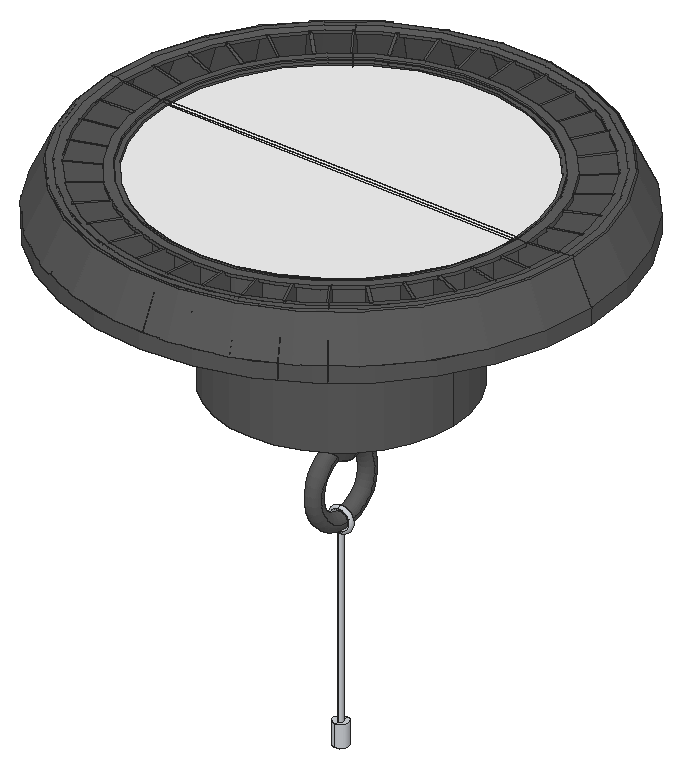
Revit family "0039364 Sylvania Lighting Fixture START HighBay IP65 DALI 26000lm 840 MB pendant", category Lighting Fixtures, host Face, Revit 2017
Family settings
  Host = Face
  Round Connector Dimension = Use Diameter
  Part Type = Normal
  OmniClass Number = 23.80.70.00
  OmniClass Title = Lighting
  Cut with Voids When Loaded = No
  Light Source = Yes
  Shared = No
  Room Calculation Point = No
Parameters (values of type "0039364 START HighBay IP65 DALI 26000lm 840 MB")
  WidthStraight_FEILO = if(SizeS_FEILO, 3 mm, if(SizeM_FEILO, 4 mm, 4.7 mm))  # 4.7 mm
  WidthRingChamfer_FEILO = if(SizeS_FEILO, 10.3 mm, if(SizeM_FEILO, 11.2 mm, 12.9 mm))  # 12.9 mm
  WidthCurved_FEILO = if(SizeS_FEILO, 17.4 mm, if(SizeM_FEILO, 16.4 mm, 26.2 mm))  # 26.2 mm
  WidthCurvedRing_FEILO = if(SizeS_FEILO, 3 mm, if(SizeM_FEILO, 4 mm, 4.7 mm))  # 4.7 mm
  WidthBracket_FEILO = 40 mm
  Weight = "3.7 kg"
  Wattage Comments = ""
  Wattage = 190 W
  WarrantyStartDate [instance] = "n/a"
  WarrantyGuarantorParts = "n/a"
  WarrantyDurationUnit = "n/a"
  WarrantyDurationParts = "n/a"
  WarrantyDescription = "n/a"
  built-in parameter 1150110 = 1 (stored number, unit not read)
  Voltage = 0 V
  VisibilityBracket_FEILO = no
  URL = "http://www.sylvania-lighting.com"
  TypeName = "START HighBay IP65 DALI 26000lm 840 MB"
  Type Image = <None>
  Type Comments = "n/a"
  built-in parameter 1114217 = 1 (stored number, unit not read)
  Tilt Angle = -90.00°
  ThicknessWall_FEILO = 1.5 mm
  ThicknessBracket_FEILO = 1.5 mm
  ThicknessBracketHalf_FEILO = ThicknessBracket_FEILO / 2  # 0.75 mm
  built-in parameter 1150109 = 1 (stored number, unit not read)
  built-in parameter 1150134 = 12
  SuspensionHeight_FEILO [instance] = 350 mm
  built-in parameter 1150113 = 1 (stored number, unit not read)
  SizeS_FEILO = no
  SizeM_FEILO = no
  SerialNumber [instance] = "n/a"
  Rib4_FEILO = if(SizeS_FEILO, 18.1 mm, if(SizeM_FEILO, 13.6 mm, 14.6 mm))  # 14.6 mm
  Rib3_FEILO = if(SizeS_FEILO, 15.3 mm, if(SizeM_FEILO, 17.6 mm, 20.2 mm))  # 20.2 mm
  Rib2_FEILO = if(SizeS_FEILO, 3.6 mm, if(SizeM_FEILO, 3.9 mm, 4.5 mm))  # 4.5 mm
  Rib1_FEILO = if(SizeS_FEILO, 15.1 mm, if(SizeM_FEILO, 16.5 mm, 19 mm))  # 19 mm
  RadiusDiffuser_FEILO = if(SizeS_FEILO, 95.2 mm, if(SizeM_FEILO, 105.3 mm, 120 mm))  # 120 mm
  RadiusArrayPost_FEILO = DriverRadius_FEILO - 6 mm  # 70.4 mm
  RHRadius3_FEILO = if(SizeS_FEILO, 6.6 mm, if(SizeM_FEILO, 7.4 mm, 8.6 mm))  # 8.6 mm
  RHRadius2_FEILO = if(SizeS_FEILO, 11 mm, if(SizeM_FEILO, 12 mm, 14 mm))  # 14 mm
  RHRadius1_FEILO = if(SizeS_FEILO, 13.6 mm, if(SizeM_FEILO, 14.9 mm, 17.7 mm))  # 17.7 mm
  RHHeight4_FEILO = if(SizeS_FEILO, 7.3 mm, if(SizeM_FEILO, 8 mm, 9.2 mm))  # 9.2 mm
  RHHeight3_FEILO = if(SizeS_FEILO, 3.6 mm, if(SizeM_FEILO, 3.7 mm, 4.6 mm))  # 4.6 mm
  RHHeight2_FEILO = if(SizeS_FEILO, 2 mm, if(SizeM_FEILO, 2.2 mm, 2.6 mm))  # 2.6 mm
  RHHeight1_FEILO = if(SizeS_FEILO, 11.8 mm, if(SizeM_FEILO, 15.3 mm, 17.4 mm))  # 17.4 mm
  Photometric Web File = "0039364.ies"
  Material_3_FEILO = LED-Sylvania-StartHighbay-Glow
  PowerFactor = 0.95
  PowerConsumption = "190 W"
  NominalLength = 339 mm
  NominalHeight = 189 mm
  NominalDepth = 339 mm
  Name = "START HighBay IP65 DALI 26000lm 840 MB"
  ModelReference = Name  # "START HighBay IP65 DALI 26000lm 840 MB"
  ModelNumber = "0039364"
  Model = Name  # "START HighBay IP65 DALI 26000lm 840 MB"
  Material = "aluminium alloy housing, polycarbonate diffuser"
  ManufacturerName = "Feilo Sylvania"
  Manufacturer = "Feilo Sylvania"
  LuminousEfficacy = "130 lm/W"
  built-in parameter 1150105 = 1965.6 (stored number, unit not read)
  Lumens = 24700 lm
  LuminaireType = ""
  built-in parameter 1150115 = 1 (stored number, unit not read)
  LightOutputRatio = "n/a"
  built-in parameter 1150137 = (empty or 0)
  built-in parameter 1150139 = (empty or 0)
  LampsType = Lamp  # "LED"
  LampNominalLuminous = "24700 lm"
  LampMacAdamStep = "6"
  LampColourTemperature = "4000 K"
  LampColourRenderingIndex = "80"
  built-in parameter 1150112 = 1 (stored number, unit not read)
  built-in parameter 1150114 = 1 (stored number, unit not read)
  Lamp = "LED"
  Keynote = "16500"
  InstallationDate [instance] = "n/a"
  InputVoltage = "n/a"
  InputNominalFrequency = "50/60 Hz"
  built-in parameter 1150132 = (empty or 0)
  built-in parameter 1150102 = (empty or 0)
  built-in parameter 1150107 = 4000 (stored number, unit not read)
  built-in parameter 1150138 = (empty or 0)
  IngressProtection = "IP65"
  ImpactProtectionIndex = "IK08"
  built-in parameter 1150106 = 19.656 (stored number, unit not read)
  IfcExportType = "IfcLightFixtureType"
  IfcExportAs = "IfcLightFixtureType"
  HeightRing_FEILO = if(SizeS_FEILO, 19.8 mm, if(SizeM_FEILO, 32 mm, 36.8 mm))  # 36.8 mm
  HeightRingChamfer_FEILO = if(SizeS_FEILO, 11.7 mm, if(SizeM_FEILO, 23.2 mm, 26.6 mm))  # 26.6 mm
  EyeThickness_FEILO = if(SizeS_FEILO, 8.4 mm, if(SizeM_FEILO, 9.2 mm, 10.5 mm))  # 10.5 mm
  EyeThicknessHalf_FEILO = EyeThickness_FEILO / 2  # 5.25 mm
  EyeInner_FEILO = if(SizeS_FEILO, 13.8 mm, if(SizeM_FEILO, 15.1 mm, 17.3 mm))  # 17.3 mm
  ExpectedLife = 50000
  Emit from Circle Diameter = RadiusDiffuser_FEILO * 2  # 240 mm
  Emit Shape Visible in Rendering = no
  ElectricShockClassification = "Class I"
  built-in parameter 1150104 = 12.077 (stored number, unit not read)
  DurationUnit = "hours"
  DriverVerticalStraight_FEILO = if(SizeS_FEILO, 46.5 mm, if(SizeM_FEILO, 49.7 mm, 57 mm))  # 57 mm
  DriverVerticalChamfer_FEILO = if(SizeS_FEILO, 7.5 mm, if(SizeM_FEILO, 8.2 mm, 9.5 mm))  # 9.5 mm
  DriverRadius_FEILO = if(SizeS_FEILO, 61.4 mm, if(SizeM_FEILO, 67.2 mm, 76.4 mm))  # 76.4 mm
  DriverRadiusTop_FEILO = if(SizeS_FEILO, 42 mm, if(SizeM_FEILO, 45.3 mm, 52.4 mm))  # 52.4 mm
  DriverBottom_FEILO = if(SizeS_FEILO, 56 mm, if(SizeM_FEILO, 64.5 mm, 74 mm))  # 74 mm
  DocumentationLiterature = "http://www.sylvania-lighting.com/product/en-int/products/0039364"
  DimmingControlOptions = "Dimmable"
  Material_2_FEILO = Diffuser-Sylvania-StartHighbay-Transparent
  Radius_FEILO = if(SizeS_FEILO, 135 mm, if(SizeM_FEILO, 148 mm, 169.5 mm))  # 169.5 mm
  Dimming Lamp Color Temperature Shift = <None>
  DiameterWire_FEILO = 3 mm
  DiameterWireSupport_FEILO = 10 mm
  Description = "START Highbay, includes 1 m cables, black aluminium housing, 24,700 Lm, 190 W, 130 Lm/W, 4000 K, drive current: 4100 mA, CRI 80, 60° beam angle, DALI dimmable, IP65, IK08, 50,000 hrs (L80/B50), (D x H) 339 x 189 mm."
  Default Elevation = 1219.2 mm
  CreatedOn = "5/15/2018"
  CreatedBy = ""
  Cost = 0
  Color Filter = 16777215
  built-in parameter 1114216 [instance] = (empty or 0)
  ClassificationValue = "EF_70_80"
  ClassificationName = "Uniclass2015"
  Material_1_FEILO = Body-Sylvania-StartHighbay-Black
  BarCode [instance] = "n/a"
  built-in parameter 1114218 = 1 (stored number, unit not read)
  built-in parameter 1150133 = 10 (stored number, unit not read)
  AssetType = "Fixed"
  AssetIdentifier [instance] = "n/a"
  Assembly Code = "D5020200"
  Apparent Load = 190 VA
  Material_4_FEILO = none
Reference planes
  plane 1 "Center (Front/Back)": y = 0
  plane 2: z = 0
  plane 3 "Center (Left/Right)": x = 0
  plane 4: z = 350
  plane 5: x = -169.5
  plane 6: x = -156.6
  plane 7: z = 323.4
  plane 8: z = 313.2
  plane 9: x = -151.9
  plane 10: z = 347.375
  plane 11: x = -125.7
  plane 12: x = -120
  plane 13: x = -147.2
  plane 14: z = 348.375
  plane 15: z = 346.375
  plane 16: x = -117
  plane 17: z = 345.375
  plane 18: x = -168
  plane 19: x = -150.5
  plane 20: z = 308.7
  plane 21: x = -130.3
  plane 22: z = 294.1
  plane 23: x = -20
  plane 24: z = 276
  plane 25: x = -76.4
  plane 26: z = 219
  plane 27: x = -52.4
  plane 28: z = 209.5
  plane 29: x = -17.7
  plane 30: z = 192.1
  plane 31: z = 189.5
  plane 32: x = -14
  plane 33: z = 184.9
  plane 34: z = 175.7
  plane 35: x = -8.6
  plane 36: z = 158.4
  plane 37: z = 141.1
  plane 38: x = 5.25
  plane 39: x = -5.25
  plane 40: z = 130.6
  plane 41: z = 135.85
  plane 42: x = -162.3
  plane 43: x = -167
  plane 44: z = 311.7
  plane 45: x = -155.1
  plane 46: z = 247.5
  plane 47: y = -20
  plane 48: y = 20
  plane 49: x = 169.5
  plane 50: x = 156.6
  plane 51: x = 168
  plane 52: x = 162.3
  plane 53: x = 167
  plane 54: x = 155.1
  plane 55: z = 144.1
  plane 56: y = 1.5
  plane 57: y = -1.5
  plane 58: z = 142.6
  plane 59: z = 129.1
  plane 60: z = 127.6
  plane 61: y = -5
  plane 62: y = 5
  plane 63: z = 14
Forms (mm)
  Revolve 1, solid, material "Body-Sylvania-StartHighbay-Black" <- "Material_1_FEILO", detail levels medium+fine
    sketch origin (0, 0, 0) x (1, 0, 0) y (0, 0, 1)
      loop
        line (-169.5, 313.2) -> (-168, 313.2) -> (-168, 323.055) -> (-156.206, 347.375) -> (-147.2, 347.375) -> (-147.2, 349.137)
        arc (-147.2, 349.137) -> (-149.554, 349.547) -> (-151.9, 350) r 132.063
        line (-151.9, 350) -> (-156.141, 350)
        arc (-156.141, 350) -> (-156.63, 349.826) -> (-156.899, 349.383) r 0.774
        line (-156.899, 349.383) -> (-169.5, 323.4) -> (-169.5, 313.2)
      axis (0, 350) -> (0, 313.2)
    angle from 360 to 0
  Revolve 2, solid, material "Body-Sylvania-StartHighbay-Black" <- "Material_1_FEILO", detail levels medium+fine
    sketch origin (0, 0, 0) x (1, 0, 0) y (0, 0, 1)
      loop
        line (-125.7, 345.375) -> (-120, 345.375) -> (-120, 323.4) -> (0, 323.4) -> (0, 345.375) -> (-117, 345.375) -> (-117, 346.375) -> (-120, 346.375) -> (-120, 347.375) -> (-125.7, 347.375) -> (-125.7, 345.375)
      axis (0, 347.375) -> (0, 323.4)
    angle from 360 to 0
  Revolve 3, solid, material "Diffuser-Sylvania-StartHighbay-Transparent" <- "Material_2_FEILO", detail levels medium+fine
    sketch origin (0, 0, 0) x (1, 0, 0) y (0, 0, 1)
      loop
        line (-120, 346.375) -> (0, 346.375) -> (0, 348.375) -> (-120, 348.375) -> (-120, 346.375)
      axis (0, 348.375) -> (0, 346.375)
    angle from 360 to 0
  Revolve 4, solid, material "Body-Sylvania-StartHighbay-Black" <- "Material_1_FEILO"
    sketch origin (0, 0, 0) x (1, 0, 0) y (0, 0, 1)
      loop
        line (-76.4, 294.1) -> (-76.4, 219) -> (-52.4, 209.5) -> (-17.7, 209.5) -> (-17.7, 192.1) -> (-14, 189.5) -> (-14, 184.9) -> (-9.037, 176.426)
        arc (-9.037, 176.426) -> (-8.49, 175.894) -> (-7.753, 175.7) r 1.5
        line (-7.753, 175.7) -> (0, 175.7) -> (0, 294.1) -> (-76.4, 294.1)
      axis (0, 294.1) -> (0, 175.7)
    angle from 360 to 0
  Revolve 5, solid, material "Body-Sylvania-StartHighbay-Black" <- "Material_1_FEILO"
    sketch origin (0, 0, 0) x (1, 0, 0) y (0, 0, 1)
      loop
        circle (0, 135.85) r 5.25
      axis (5.25, 158.4) -> (-5.25, 158.4)
    angle from 360 to 0
  Extrusion 6, solid, material "Body-Sylvania-StartHighbay-Black" <- "Material_1_FEILO", visible <- "VisibilityBracket_FEILO"
    sketch origin (0, 0, 0) x (1, 0, 0) y (0, 0, 1)
      loop
        line (-167, 313.2) -> (-167, 311.7) -> (-157.35, 311.7)
        arc (-157.35, 311.7) -> (-156.82, 311.48) -> (-156.6, 310.95) r 0.75
        line (-156.6, 310.95) -> (-156.6, 247.5) -> (-155.1, 247.5) -> (-155.1, 311.7)
        arc (-155.1, 311.7) -> (-155.539, 312.761) -> (-156.6, 313.2) r 1.5
        line (-156.6, 313.2) -> (-167, 313.2)
      loop
        line (167, 313.2) -> (156.6, 313.2)
        arc (156.6, 313.2) -> (155.539, 312.761) -> (155.1, 311.7) r 1.5
        line (155.1, 311.7) -> (155.1, 247.5) -> (156.6, 247.5) -> (156.6, 310.95)
        arc (156.6, 310.95) -> (156.82, 311.48) -> (157.35, 311.7) r 0.75
        line (157.35, 311.7) -> (167, 311.7) -> (167, 313.2)
    from -20 to 20
  Extrusion 7, void
    sketch origin (0, 0, 0) x (0, 1, 0) y (0, 0, 1)
      loop
        arc (-10, 247.5) -> (-17.071, 250.429) -> (-20, 257.5) r 10
        line (-20, 257.5) -> (-25, 257.5) -> (-25, 242.5) -> (-10, 242.5) -> (-10, 247.5)
      loop
        line (10, 247.5) -> (10, 242.5) -> (25, 242.5) -> (25, 257.5) -> (20, 257.5)
        arc (20, 257.5) -> (17.071, 250.429) -> (10, 247.5) r 10
    from -156.6 to 156.6
  Revolve 8, solid, material "Body-Sylvania-StartHighbay-Black" <- "Material_1_FEILO", detail levels coarse
    sketch origin (0, 0, 0) x (1, 0, 0) y (0, 0, 1)
      loop
        line (0, 350) -> (-156.6, 350) -> (-169.5, 323.4) -> (-169.5, 313.2) -> (-150.5, 313.2) -> (-150.5, 308.7) -> (-130.3, 294.1) -> (0, 294.1) -> (0, 350)
      axis (0, 350) -> (0, 294.1)
    angle from 360 to 0
  Revolve 9, solid
    sketch origin (0, 0, 0) x (0, 1, 0) y (0, 0, 1)
      loop
        circle (0, 142.6) r 1.5
      axis (1.5, 135.85) -> (-1.5, 135.85)
    angle from 360 to 0
  Revolve 10, solid
    sketch origin (0, 0, 0) x (0, 1, 0) y (0, 0, 1)
      loop
        line (0, 0) -> (0, 129.1) -> (-1.5, 129.1) -> (-1.5, 14) -> (-5, 14) -> (-5, 0) -> (0, 0)
      axis (0, 0) -> (0, 129.1)
    angle from 360 to 0
Cuts and joins
  Extrusion 7 cuts Extrusion 6
Lines and regions (mm)
  reference lines
    curve 1: line (-169.5, 0, 323.4) -> (-156.6, 0, 350)
    curve 2: line (-125.7, 0, 347.375) -> (0, 0, 347.375)
    curve 3: arc (-125.7, 0, 347.375) -> (-138.866, 0, 348.033) -> (-151.9, 0, 350) r 132.063
    curve 4: line (-156.6, 0, 350) -> (-151.9, 0, 350)
    curve 5: line (-156.206, 0, 347.375) -> (-168, 0, 323.055)
    curve 6: line (-150.5, 0, 308.7) -> (-130.3, 0, 294.1)
    curve 7: line (-14, 0, 184.9) -> (-8.6, 0, 175.7)
    curve 8: circle (0, 0, 135.85) r 5.25 normal (0, -1, 0)
Dimensions and locks
  "Radius_FEILO": plane 3 "Center (Left/Right)" to plane 5
  "WidthRingChamfer_FEILO": plane 6 to plane 5
  "WidthStraight_FEILO": plane 9 to plane 6
  "WidthCurvedRing_FEILO": plane 13 to plane 9
  locked: plane 10 to plane 15 at 1
  locked: plane 14 to plane 10 at 1
  locked: plane 4 to plane 10 at 2.625
  locked: plane 15 to plane 17 at 1
  "ThicknessWall_FEILO": plane 18 to plane 5
  "ThicknessWall_FEILO": curve 5 to curve 1
  "HeightRingChamfer_FEILO": plane 4 to plane 7
  "HeightRing_FEILO": plane 4 to plane 8
  "RadiusDiffuser_FEILO": plane 3 "Center (Left/Right)" to plane 12
  locked: plane 16 to plane 12 at 3
  "WidthCurved_FEILO": plane 11 to plane 9
  "SuspensionHeight_FEILO": plane 4 to plane 2
  "Rib1_FEILO": plane 19 to plane 5
  "Rib2_FEILO": plane 8 to plane 20
  "Rib3_FEILO": plane 21 to plane 19
  "Rib4_FEILO": plane 20 to plane 22
  locked: plane 3 "Center (Left/Right)" to plane 23 at 20
  "DriverBottom_FEILO": plane 4 to plane 24
  "DriverRadius_FEILO": plane 3 "Center (Left/Right)" to plane 25
  "DriverVerticalStraight_FEILO": plane 24 to plane 26
  "DriverRadiusTop_FEILO": plane 3 "Center (Left/Right)" to plane 27
  "DriverVerticalChamfer_FEILO": plane 26 to plane 28
  "RHRadius1_FEILO": plane 3 "Center (Left/Right)" to plane 29
  "RHHeight2_FEILO": plane 30 to plane 31
  "RHRadius2_FEILO": plane 3 "Center (Left/Right)" to plane 32
  "RHHeight3_FEILO": plane 31 to plane 33
  "RHHeight4_FEILO": plane 33 to plane 34
  "RHRadius3_FEILO": plane 3 "Center (Left/Right)" to plane 35
  "RHHeight1_FEILO": plane 28 to plane 30
  "EyeInner_FEILO": plane 34 to plane 36
  "EyeInner_FEILO": plane 36 to plane 37
  equal spacing: plane 38, plane 3 "Center (Left/Right)", plane 39
  "EyeThickness_FEILO": plane 38 to plane 39
  "EyeThickness_FEILO": plane 37 to plane 40
  equal spacing: plane 37, plane 41, plane 40
  equal spacing: plane 6, plane 42, plane 18
  "ThicknessBracket_FEILO": plane 45 to plane 6
  "ThicknessBracket_FEILO": plane 8 to plane 44
  locked: plane 43 to plane 18 at 1
  equal spacing: plane 24, plane 46, plane 26
  equal spacing: plane 47, plane 1 "Center (Front/Back)", plane 48
  "WidthBracket_FEILO": plane 47 to plane 48
  "WidthRingChamfer_FEILO": plane 50 to plane 49
  "ThicknessWall_FEILO": plane 51 to plane 49
  equal spacing: plane 50, plane 52, plane 51
  "ThicknessBracket_FEILO": plane 54 to plane 50
  locked: plane 53 to plane 51 at 1
  "Radius_FEILO": plane 49 to plane 3 "Center (Left/Right)"
  equal spacing: plane 57, imposter light, plane 56
  "DiameterWire_FEILO": plane 57 to plane 56
  "DiameterWire_FEILO": plane 37 to plane 55
  equal spacing: plane 37, plane 58, plane 55
  "DiameterWire_FEILO": plane 60 to plane 40
  equal spacing: plane 60, plane 59, plane 40
  equal spacing: plane 61, plane 1 "Center (Front/Back)", plane 62
  "DiameterWireSupport_FEILO": plane 61 to plane 62
  locked: plane 63 to plane 2 at 14
  "EyeThicknessHalf_FEILO": radius of curve 8
  "ThicknessBracket_FEILO": radius of Extrusion 6 sketch curve  (x2)
  "ThicknessBracketHalf_FEILO": radius of Extrusion 6 sketch curve  (x2)
  "DiameterWire_FEILO": diameter of Revolve 9 sketch curve
  aligned and locked: plane 2 to host face
  aligned and locked: level to host face
  aligned and locked: plane 5 to curve 1
  aligned and locked: plane 6 to curve 1
  aligned and locked: plane 7 to curve 1
  aligned and locked: plane 10 to curve 2
  aligned and locked: plane 9 to curve 3
  aligned and locked: plane 4 to curve 3
  aligned and locked: plane 11 to curve 3
  aligned and locked: plane 4 to curve 4
  aligned and locked: plane 18 to curve 5
  aligned and locked: plane 10 to curve 5
  aligned and locked: Revolve 1 sketch curve to plane 3 "Center (Left/Right)"
  aligned and locked: Revolve 1 sketch curve to curve 3
  aligned and locked: Revolve 1 sketch curve to curve 1
  aligned and locked: plane 4 to Revolve 1 sketch curve
  aligned and locked: plane 9 to Revolve 1 sketch curve
  aligned and locked: Revolve 1 sketch curve to plane 13
  aligned and locked: Revolve 1 sketch curve to plane 10
  aligned and locked: plane 13 to Revolve 1 sketch curve
  aligned and locked: plane 10 to Revolve 1 sketch curve
  aligned and locked: Revolve 1 sketch curve to plane 18
  aligned and locked: Revolve 1 sketch curve to plane 8
  aligned and locked: plane 5 to Revolve 1 sketch curve  (x2)
  aligned and locked: Revolve 2 sketch curve to plane 3 "Center (Left/Right)"
  aligned and locked: plane 11 to Revolve 2 sketch curve
  aligned and locked: Revolve 2 sketch curve to curve 2
  aligned and locked: plane 15 to Revolve 2 sketch curve
  aligned and locked: Revolve 2 sketch curve to plane 16
  aligned and locked: plane 17 to Revolve 2 sketch curve  (x2)
  aligned and locked: Revolve 2 sketch curve to plane 12
  aligned and locked: plane 7 to Revolve 2 sketch curve
  aligned and locked: Revolve 3 sketch curve to plane 3 "Center (Left/Right)"
  aligned and locked: Revolve 3 sketch curve to plane 14
  aligned and locked: plane 3 "Center (Left/Right)" to Revolve 3 sketch curve
  aligned and locked: Revolve 3 sketch curve to plane 12
  aligned and locked: plane 15 to Revolve 3 sketch curve
  aligned and locked: Revolve 1 sketch curve to curve 5
  aligned and locked: plane 22 to curve 6
  aligned and locked: plane 21 to curve 6
  aligned and locked: plane 20 to curve 6
  aligned and locked: plane 19 to curve 6
  aligned and locked: plane 33 to curve 7
  aligned and locked: plane 32 to curve 7
  aligned and locked: plane 35 to curve 7
  aligned and locked: plane 34 to curve 7
  aligned and locked: Revolve 4 sketch curve to plane 3 "Center (Left/Right)"
  aligned and locked: Revolve 4 sketch curve to plane 25
  aligned and locked: plane 27 to Revolve 4 sketch curve
  aligned and locked: plane 28 to Revolve 4 sketch curve
  aligned and locked: plane 30 to Revolve 4 sketch curve
  aligned and locked: Revolve 4 sketch curve to plane 29
  aligned and locked: plane 31 to Revolve 4 sketch curve
  aligned and locked: Revolve 4 sketch curve to curve 7
  aligned and locked: Revolve 4 sketch curve to plane 32
  aligned and locked: plane 34 to Revolve 4 sketch curve
  aligned and locked: plane 3 "Center (Left/Right)" to Revolve 4 sketch curve
  aligned and locked: plane 3 "Center (Left/Right)" to curve 8
  aligned and locked: plane 41 to curve 8
  aligned and locked: Revolve 5 sketch curve to plane 36
  aligned and locked: Revolve 5 sketch curve to curve 8
  aligned and locked: plane 43 to Extrusion 6 sketch curve  (x2)
  aligned and locked: plane 8 to Extrusion 6 sketch curve  (x3)
  aligned and locked: Extrusion 6 sketch curve to plane 45
  aligned and locked: Extrusion 6 sketch curve to plane 46  (x2)
  aligned and locked: plane 6 to Extrusion 6 sketch curve
  aligned and locked: Extrusion 6 sketch curve to plane 44  (x2)
  aligned and locked: Extrusion 6 to plane 48
  aligned and locked: plane 47 to Extrusion 6
  aligned and locked: plane 53 to Extrusion 6 sketch curve
  aligned and locked: plane 50 to Extrusion 6 sketch curve
  aligned and locked: Extrusion 6 sketch curve to plane 54
  aligned and locked: Extrusion 7 sketch curve to Extrusion 7 sketch curve
  aligned and locked: Extrusion 7 to plane 6
  aligned and locked: Extrusion 7 to Extrusion 6
  aligned and locked: Revolve 4 sketch curve to plane 22
  aligned and locked: plane 23 to nested 1
  aligned and locked: plane 1 "Center (Front/Back)" to nested 1
  aligned and locked: Revolve 8 sketch curve to plane 3 "Center (Left/Right)"
  aligned and locked: Revolve 8 sketch curve to plane 4
  aligned and locked: plane 6 to Revolve 8 sketch curve
  aligned and locked: plane 4 to Revolve 8 sketch curve
  aligned and locked: plane 7 to Revolve 8 sketch curve
  aligned and locked: Revolve 8 sketch curve to plane 5
  aligned and locked: plane 8 to Revolve 8 sketch curve  (x2)
  aligned and locked: Revolve 8 sketch curve to plane 19
  aligned and locked: plane 20 to Revolve 8 sketch curve
  aligned and locked: plane 19 to Revolve 8 sketch curve
  aligned and locked: plane 21 to Revolve 8 sketch curve
  aligned and locked: plane 22 to Revolve 8 sketch curve  (x2)
  aligned and locked: Revolve 8 sketch curve to Revolve 8 sketch curve
  aligned and locked: imposter light to plane 4
  aligned and locked: plane 3 "Center (Left/Right)" to imposter light
  aligned and locked: imposter light to plane 1 "Center (Front/Back)"
  aligned and locked: Revolve 9 sketch curve to plane 41
  aligned and locked: Revolve 10 sketch curve to plane 1 "Center (Front/Back)"
  aligned and locked: plane 1 "Center (Front/Back)" to Revolve 10 sketch curve  (x2)
  aligned and locked: host face to Revolve 10 sketch curve
  aligned and locked: plane 63 to Revolve 10 sketch curve
  aligned and locked: Revolve 10 sketch curve to plane 61
  aligned and locked: Revolve 10 sketch curve to plane 57
  aligned and locked: plane 59 to Revolve 10 sketch curve
Automatic sketch dimensions
  host sketch curve to host sketch curve = 2438.4 mm  (x2)
  curve 2 to plane 3 "Center (Left/Right)" = 0 mm
  Revolve 1 sketch curve to plane 6 = 0.299 mm
  plane 6 to Revolve 1 sketch curve = 0.459 mm
  Revolve 1 sketch curve to level = 609.6 mm
  Revolve 1 sketch curve to Revolve 1 sketch curve = 2312.223 mm
  Revolve 2 sketch curve to plane 12 = 0 mm
  Revolve 2 sketch curve to plane 3 "Center (Left/Right)" = 0 mm
  Revolve 2 sketch curve to level = 609.6 mm
  Revolve 2 sketch curve to plane 4 = 2339.058 mm
  Revolve 3 sketch curve to level = 609.6 mm
  Revolve 3 sketch curve to plane 4 = 2339.058 mm
  Revolve 5 sketch curve to plane 5 = 1080 mm
  plane 38 to Revolve 5 sketch curve = 1219.2 mm
  Extrusion 7 sketch curve to plane 47 = 0 mm
  plane 46 to Extrusion 7 sketch curve = 0 mm  (x2)
  Extrusion 7 sketch curve to plane 48 = 0 mm
  plane 47 to Extrusion 7 sketch curve = 5 mm
  plane 1 "Center (Front/Back)" to Extrusion 7 sketch curve = 10 mm
  Extrusion 7 sketch curve to Extrusion 7 sketch curve = 10 mm
  plane 46 to Extrusion 7 sketch curve = 5 mm
  Extrusion 7 sketch curve to Extrusion 7 sketch curve = 5 mm
  Extrusion 7 sketch curve to plane 48 = 5 mm
  Revolve 4 sketch curve to plane 26 = 0 mm
  Revolve 4 sketch curve to plane 35 = 0.437 mm
  plane 35 to Revolve 4 sketch curve = 0.847 mm
  Revolve 4 sketch curve to plane 34 = 0.726 mm
  plane 40 to Revolve 4 sketch curve = 590.2 mm
  Revolve 4 sketch curve to plane 4 = 2339.058 mm
  Revolve 8 sketch curve to level = 609.6 mm
  Revolve 8 sketch curve to Revolve 8 sketch curve = 2386.058 mm
  Revolve 9 sketch curve to plane 1 "Center (Front/Back)" = 0 mm
  plane 58 to Revolve 9 sketch curve = 0 mm
  plane 47 to Revolve 9 sketch curve = 2534.941 mm
  Revolve 9 sketch curve to plane 48 = 2077.409 mm
  Revolve 10 sketch curve to Revolve 10 sketch curve = 609.6 mm
  Revolve 10 sketch curve to plane 4 = 2123.807 mm
Nested families
  nested 1: "Start Highbay Rib" at (0, 0, 347.375), type "Type Name", detail levels medium+fine
    with SuspensionHeight_FEILO 2.6 mm
  nested 2: "Start Highbay Rib" at (0, 0, 347.375) x (0.9877, 0.1564, 0) z (0, 0, 1), type "Type Name", detail levels medium+fine
    with SuspensionHeight_FEILO 2.6 mm
  nested 3: "Start Highbay Rib" at (0, 0, 347.375) x (0.9511, 0.309, 0) z (0, 0, 1), type "Type Name", detail levels medium+fine
    with SuspensionHeight_FEILO 2.6 mm
  nested 4: "Start Highbay Rib" at (0, 0, 347.375) x (0.891, 0.454, 0) z (0, 0, 1), type "Type Name", detail levels medium+fine
    with SuspensionHeight_FEILO 2.6 mm
  nested 5: "Start Highbay Rib" at (0, 0, 347.375) x (0.809, 0.5878, 0) z (0, 0, 1), type "Type Name", detail levels medium+fine
    with SuspensionHeight_FEILO 2.6 mm
  nested 6: "Start Highbay Rib" at (0, 0, 347.375) x (0.7071, 0.7071, 0) z (0, 0, 1), type "Type Name", detail levels medium+fine
    with SuspensionHeight_FEILO 2.6 mm
  nested 7: "Start Highbay Rib" at (0, 0, 347.375) x (0.5878, 0.809, 0) z (0, 0, 1), type "Type Name", detail levels medium+fine
    with SuspensionHeight_FEILO 2.6 mm
  nested 8: "Start Highbay Rib" at (0, 0, 347.375) x (0.454, 0.891, 0) z (0, 0, 1), type "Type Name", detail levels medium+fine
    with SuspensionHeight_FEILO 2.6 mm
  nested 9: "Start Highbay Rib" at (0, 0, 347.375) x (0.309, 0.9511, 0) z (0, 0, 1), type "Type Name", detail levels medium+fine
    with SuspensionHeight_FEILO 2.6 mm
  nested 10: "Start Highbay Rib" at (0, 0, 347.375) x (0.1564, 0.9877, 0) z (0, 0, 1), type "Type Name", detail levels medium+fine
    with SuspensionHeight_FEILO 2.6 mm
  nested 11: "Start Highbay Rib" at (0, 0, 347.375) x (0, 1, 0) z (0, 0, 1), type "Type Name", detail levels medium+fine
    with SuspensionHeight_FEILO 2.6 mm
  nested 12: "Start Highbay Rib" at (0, 0, 347.375) x (-0.1564, 0.9877, 0) z (0, 0, 1), type "Type Name", detail levels medium+fine
    with SuspensionHeight_FEILO 2.6 mm
  nested 13: "Start Highbay Rib" at (0, 0, 347.375) x (-0.309, 0.9511, 0) z (0, 0, 1), type "Type Name", detail levels medium+fine
    with SuspensionHeight_FEILO 2.6 mm
  nested 14: "Start Highbay Rib" at (0, 0, 347.375) x (-0.454, 0.891, 0) z (0, 0, 1), type "Type Name", detail levels medium+fine
    with SuspensionHeight_FEILO 2.6 mm
  nested 15: "Start Highbay Rib" at (0, 0, 347.375) x (-0.5878, 0.809, 0) z (0, 0, 1), type "Type Name", detail levels medium+fine
    with SuspensionHeight_FEILO 2.6 mm
  nested 16: "Start Highbay Rib" at (0, 0, 347.375) x (-0.7071, 0.7071, 0) z (0, 0, 1), type "Type Name", detail levels medium+fine
    with SuspensionHeight_FEILO 2.6 mm
  nested 17: "Start Highbay Rib" at (0, 0, 347.375) x (-0.809, 0.5878, 0) z (0, 0, 1), type "Type Name", detail levels medium+fine
    with SuspensionHeight_FEILO 2.6 mm
  nested 18: "Start Highbay Rib" at (0, 0, 347.375) x (-0.891, 0.454, 0) z (0, 0, 1), type "Type Name", detail levels medium+fine
    with SuspensionHeight_FEILO 2.6 mm
  nested 19: "Start Highbay Rib" at (0, 0, 347.375) x (-0.9511, 0.309, 0) z (0, 0, 1), type "Type Name", detail levels medium+fine
    with SuspensionHeight_FEILO 2.6 mm
  nested 20: "Start Highbay Rib" at (0, 0, 347.375) x (-0.9877, 0.1564, 0) z (0, 0, 1), type "Type Name", detail levels medium+fine
    with SuspensionHeight_FEILO 2.6 mm
  nested 21: "Start Highbay Rib" at (0, 0, 347.375) x (-1, 0, 0) z (0, 0, 1), type "Type Name", detail levels medium+fine
    with SuspensionHeight_FEILO 2.6 mm
  nested 22: "Start Highbay Rib" at (0, 0, 347.375) x (-0.9877, -0.1564, 0) z (0, 0, 1), type "Type Name", detail levels medium+fine
    with SuspensionHeight_FEILO 2.6 mm
  nested 23: "Start Highbay Rib" at (0, 0, 347.375) x (-0.9511, -0.309, 0) z (0, 0, 1), type "Type Name", detail levels medium+fine
    with SuspensionHeight_FEILO 2.6 mm
  nested 24: "Start Highbay Rib" at (0, 0, 347.375) x (-0.891, -0.454, 0) z (0, 0, 1), type "Type Name", detail levels medium+fine
    with SuspensionHeight_FEILO 2.6 mm
  nested 25: "Start Highbay Rib" at (0, 0, 347.375) x (-0.809, -0.5878, 0) z (0, 0, 1), type "Type Name", detail levels medium+fine
    with SuspensionHeight_FEILO 2.6 mm
  nested 26: "Start Highbay Rib" at (0, 0, 347.375) x (-0.7071, -0.7071, 0) z (0, 0, 1), type "Type Name", detail levels medium+fine
    with SuspensionHeight_FEILO 2.6 mm
  nested 27: "Start Highbay Rib" at (0, 0, 347.375) x (-0.5878, -0.809, 0) z (0, 0, 1), type "Type Name", detail levels medium+fine
    with SuspensionHeight_FEILO 2.6 mm
  nested 28: "Start Highbay Rib" at (0, 0, 347.375) x (-0.454, -0.891, 0) z (0, 0, 1), type "Type Name", detail levels medium+fine
    with SuspensionHeight_FEILO 2.6 mm
  nested 29: "Start Highbay Rib" at (0, 0, 347.375) x (-0.309, -0.9511, 0) z (0, 0, 1), type "Type Name", detail levels medium+fine
    with SuspensionHeight_FEILO 2.6 mm
  nested 30: "Start Highbay Rib" at (0, 0, 347.375) x (-0.1564, -0.9877, 0) z (0, 0, 1), type "Type Name", detail levels medium+fine
    with SuspensionHeight_FEILO 2.6 mm
  nested 31: "Start Highbay Rib" at (0, 0, 347.375) x (0, -1, 0) z (0, 0, 1), type "Type Name", detail levels medium+fine
    with SuspensionHeight_FEILO 2.6 mm
  nested 32: "Start Highbay Rib" at (0, 0, 347.375) x (0.1564, -0.9877, 0) z (0, 0, 1), type "Type Name", detail levels medium+fine
    with SuspensionHeight_FEILO 2.6 mm
  nested 33: "Start Highbay Rib" at (0, 0, 347.375) x (0.309, -0.9511, 0) z (0, 0, 1), type "Type Name", detail levels medium+fine
    with SuspensionHeight_FEILO 2.6 mm
  nested 34: "Start Highbay Rib" at (0, 0, 347.375) x (0.454, -0.891, 0) z (0, 0, 1), type "Type Name", detail levels medium+fine
    with SuspensionHeight_FEILO 2.6 mm
  nested 35: "Start Highbay Rib" at (0, 0, 347.375) x (0.5878, -0.809, 0) z (0, 0, 1), type "Type Name", detail levels medium+fine
    with SuspensionHeight_FEILO 2.6 mm
  nested 36: "Start Highbay Rib" at (0, 0, 347.375) x (0.7071, -0.7071, 0) z (0, 0, 1), type "Type Name", detail levels medium+fine
    with SuspensionHeight_FEILO 2.6 mm
  nested 37: "Start Highbay Rib" at (0, 0, 347.375) x (0.809, -0.5878, 0) z (0, 0, 1), type "Type Name", detail levels medium+fine
    with SuspensionHeight_FEILO 2.6 mm
  nested 38: "Start Highbay Rib" at (0, 0, 347.375) x (0.891, -0.454, 0) z (0, 0, 1), type "Type Name", detail levels medium+fine
    with SuspensionHeight_FEILO 2.6 mm
  nested 39: "Start Highbay Rib" at (0, 0, 347.375) x (0.9511, -0.309, 0) z (0, 0, 1), type "Type Name", detail levels medium+fine
    with SuspensionHeight_FEILO 2.6 mm
  nested 40: "Start Highbay Rib" at (0, 0, 347.375) x (0.9877, -0.1564, 0) z (0, 0, 1), type "Type Name", detail levels medium+fine
    with SuspensionHeight_FEILO 2.6 mm
Connectors
  electrical at (0, 0, 0), driven by "Apparent Load", driven by "PowerFactor", driven by "Voltage"
    settings: index 1, voltage 0 V, apparent load 190 VA, apparent load phase1 0 VA, apparent load phase2 0 VA, apparent load phase3 0 VA, power factor 0.95, load classification "Lighting", number of poles 1, system type 30, power factor state 1, is connector primary yes, connector utility no, sub classification motor no, connector description ""
Definition of nested family "Start Highbay Rib"
  Parameters (values of type "Type Name")
    WidthStraight_FEILO = if(SizeS_FEILO, 3 mm, if(SizeM_FEILO, 4 mm, 4.7 mm))  # 3 mm
    WidthRingChamfer_FEILO = if(SizeS_FEILO, 10.3 mm, if(SizeM_FEILO, 11.2 mm, 12.9 mm))  # 10.3 mm
    WidthCurved_FEILO = if(SizeS_FEILO, 17.4 mm, if(SizeM_FEILO, 16.4 mm, 26.2 mm))  # 17.4 mm
    WidthCurvedRing_FEILO = if(SizeS_FEILO, 3 mm, if(SizeM_FEILO, 4 mm, 4.7 mm))  # 3 mm
    WidthBracket_FEILO = 40 mm
    URL = "http://www.feilosylvania.com"
    Type Image = (empty or 0)
    Type Comments = "n/a"
    ThicknessWall_FEILO = 1.5 mm
    ThicknessBracket_FEILO = 1.5 mm
    ThicknessBracketHalf_FEILO = ThicknessBracket_FEILO / 2  # 0.75 mm
    SuspensionHeight_FEILO [instance] = 2.6 mm
    SizeS_FEILO = yes
    SizeM_FEILO = no
    Rib4_FEILO = if(SizeS_FEILO, 18.1 mm, if(SizeM_FEILO, 13.6 mm, 14.6 mm))  # 18.1 mm
    Rib3_FEILO = if(SizeS_FEILO, 15.3 mm, if(SizeM_FEILO, 17.6 mm, 20.2 mm))  # 15.3 mm
    Rib2_FEILO = if(SizeS_FEILO, 3.6 mm, if(SizeM_FEILO, 3.9 mm, 4.5 mm))  # 3.6 mm
    Rib1_FEILO = if(SizeS_FEILO, 15.1 mm, if(SizeM_FEILO, 16.5 mm, 19 mm))  # 15.1 mm
    RadiusRib_FEILO = 2 mm
    RadiusDiffuser_FEILO = if(SizeS_FEILO, 95.2 mm, if(SizeM_FEILO, 105.3 mm, 120 mm))  # 95.2 mm
    RHRadius3_FEILO = if(SizeS_FEILO, 6.6 mm, if(SizeM_FEILO, 7.4 mm, 8.6 mm))  # 6.6 mm
    RHRadius2_FEILO = if(SizeS_FEILO, 11 mm, if(SizeM_FEILO, 12 mm, 14 mm))  # 11 mm
    RHRadius1_FEILO = if(SizeS_FEILO, 13.6 mm, if(SizeM_FEILO, 14.9 mm, 17.7 mm))  # 13.6 mm
    RHHeight4_FEILO = if(SizeS_FEILO, 7.3 mm, if(SizeM_FEILO, 8 mm, 9.2 mm))  # 7.3 mm
    RHHeight3_FEILO = if(SizeS_FEILO, 3.6 mm, if(SizeM_FEILO, 3.7 mm, 4.6 mm))  # 3.6 mm
    RHHeight2_FEILO = if(SizeS_FEILO, 2 mm, if(SizeM_FEILO, 2.2 mm, 2.6 mm))  # 2 mm
    RHHeight1_FEILO = if(SizeS_FEILO, 11.8 mm, if(SizeM_FEILO, 15.3 mm, 17.4 mm))  # 11.8 mm
    Material_3_FEILO = none
    Model = ""
    Manufacturer = "Feilo Sylvania"
    Keynote = "16500"
    HeightRing_FEILO = if(SizeS_FEILO, 19.8 mm, if(SizeM_FEILO, 32 mm, 36.8 mm))  # 19.8 mm
    HeightRingChamfer_FEILO = if(SizeS_FEILO, 11.7 mm, if(SizeM_FEILO, 23.2 mm, 26.6 mm))  # 11.7 mm
    EyeThickness_FEILO = if(SizeS_FEILO, 8.4 mm, if(SizeM_FEILO, 9.2 mm, 10.5 mm))  # 8.4 mm
    EyeThicknessHalf_FEILO = EyeThickness_FEILO / 2  # 4.2 mm
    EyeInner_FEILO = if(SizeS_FEILO, 13.8 mm, if(SizeM_FEILO, 15.1 mm, 17.3 mm))  # 13.8 mm
    DriverVerticalStraight_FEILO = if(SizeS_FEILO, 46.5 mm, if(SizeM_FEILO, 49.7 mm, 57 mm))  # 46.5 mm
    DriverVerticalChamfer_FEILO = if(SizeS_FEILO, 7.5 mm, if(SizeM_FEILO, 8.2 mm, 9.5 mm))  # 7.5 mm
    DriverRadius_FEILO = if(SizeS_FEILO, 61.4 mm, if(SizeM_FEILO, 67.2 mm, 76.4 mm))  # 61.4 mm
    DriverRadiusTop_FEILO = if(SizeS_FEILO, 42 mm, if(SizeM_FEILO, 45.3 mm, 52.4 mm))  # 42 mm
    DriverBottom_FEILO = if(SizeS_FEILO, 56 mm, if(SizeM_FEILO, 64.5 mm, 74 mm))  # 56 mm
    Material_2_FEILO = none
    Radius_FEILO = if(SizeS_FEILO, 135 mm, if(SizeM_FEILO, 148 mm, 169.5 mm))  # 135 mm
    Description = ""
    Default Elevation = 1219.2 mm
    Cost = 0
    Material_1_FEILO = none
    Assembly Code = "D5020200"
    Material_4_FEILO = none
  Reference planes
    plane 1 "Center (Front/Back)": y = 0
    plane 2: z = 0
    plane 3 "Center (Left/Right)": x = 0
    plane 4: z = 2.6
    plane 5: x = -135
    plane 6: x = -124.7
    plane 7: z = -9.1
    plane 8: z = -17.2
    plane 9: x = -121.7
    plane 10: z = -0.025
    plane 11: x = -104.3
    plane 12: x = -95.2
    plane 13: x = -118.7
    plane 14: z = 0.975
    plane 15: z = -1.025
    plane 16: x = -92.2
    plane 17: z = -2.025
    plane 18: x = -133.5
    plane 19: x = -119.9
    plane 20: z = -20.8
    plane 21: x = -104.6
    plane 22: z = -38.9
    plane 23: x = -20
    plane 24: z = -53.4
    plane 25: x = -61.4
    plane 26: z = -99.9
    plane 27: x = -42
    plane 28: z = -107.4
    plane 29: x = -13.6
    plane 30: z = -119.2
    plane 31: z = -121.2
    plane 32: x = -11
    plane 33: z = -124.8
    plane 34: z = -132.1
    plane 35: x = -6.6
    plane 36: z = -145.9
    plane 37: z = -159.7
    plane 38: x = 4.2
    plane 39: x = -4.2
    plane 40: z = -168.1
    plane 41: z = -163.9
    plane 42: x = -129.1
    plane 43: x = -132.5
    plane 44: z = -18.7
    plane 45: x = -123.2
    plane 46: z = -76.65
    plane 47: y = -20
    plane 48: y = 20
    plane 49: x = 135
    plane 50: x = 124.7
    plane 51: x = 133.5
    plane 52: x = 129.1
    plane 53: x = 132.5
    plane 54: x = 123.2
    plane 55: y = 0.75
    plane 56: y = -0.75
  Forms (mm)
    Extrusion 1, solid
      sketch origin (4.2, 0, 0) x (1, 0, 0) y (0, 1, 0)
        loop
          line (-1219.2, 1219.2) -> (-1219.2, -1219.2) -> (1219.2, -1219.2) -> (1219.2, 1219.2) -> (-1219.2, 1219.2)
      from 0 to -68.017
    Extrusion 2, solid, material <- "Material_1_FEILO"
      sketch origin (0, 0, 0) x (1, 0, 0) y (0, 0, 1)
        loop
          arc (-104.3, -0.025) -> (-111.555, 0.423) -> (-118.7, 1.76) r 58.981
          line (-118.7, 1.76) -> (-118.7, -0.025) -> (-125.012, -0.025) -> (-133.5, -9.666) -> (-133.5, -17.2) -> (-119.9, -17.2) -> (-119.9, -20.068)
          arc (-119.9, -20.068) -> (-119.778, -20.755) -> (-119.427, -21.359) r 2
          line (-119.427, -21.359) -> (-104.966, -38.467)
          arc (-104.966, -38.467) -> (-104.381, -38.789) -> (-103.723, -38.9) r 2
          line (-103.723, -38.9) -> (-20, -38.9) -> (-20, -9.1) -> (-95.2, -9.1) -> (-95.2, -2.025) -> (-104.3, -2.025) -> (-104.3, -0.025)
      from -0.75 to 0.75
  Lines and regions (mm)
    reference lines
      curve 1: line (-135, 0, -9.1) -> (-124.7, 0, 2.6)
      curve 2: line (-104.3, 0, -0.025) -> (0, 0, -0.025)
      curve 3: arc (-104.3, 0, -0.025) -> (-113.098, 0, 0.635) -> (-121.7, 0, 2.6) r 58.981
      curve 4: line (-124.7, 0, 2.6) -> (-121.7, 0, 2.6)
      curve 5: line (-125.012, 0, -0.025) -> (-133.5, 0, -9.666)
      curve 6: line (-119.9, 0, -20.8) -> (-104.6, 0, -38.9)
  Dimensions and locks
    "Radius_FEILO": plane 3 "Center (Left/Right)" to plane 5
    "WidthRingChamfer_FEILO": plane 6 to plane 5
    "WidthStraight_FEILO": plane 9 to plane 6
    "WidthCurvedRing_FEILO": plane 13 to plane 9
    locked: plane 10 to plane 15 at 1
    locked: plane 14 to plane 10 at 1
    locked: plane 4 to plane 10 at 2.625
    locked: plane 15 to plane 17 at 1
    "ThicknessWall_FEILO": plane 18 to plane 5
    "ThicknessWall_FEILO": curve 5 to curve 1
    "HeightRingChamfer_FEILO": plane 4 to plane 7
    "HeightRing_FEILO": plane 4 to plane 8
    "RadiusDiffuser_FEILO": plane 3 "Center (Left/Right)" to plane 12
    locked: plane 16 to plane 12 at 3
    "WidthCurved_FEILO": plane 11 to plane 9
    "SuspensionHeight_FEILO": plane 4 to plane 2
    "Rib1_FEILO": plane 19 to plane 5
    "Rib2_FEILO": plane 8 to plane 20
    "Rib3_FEILO": plane 21 to plane 19
    "Rib4_FEILO": plane 20 to plane 22
    locked: plane 3 "Center (Left/Right)" to plane 23 at 20
    "DriverBottom_FEILO": plane 4 to plane 24
    "DriverRadius_FEILO": plane 3 "Center (Left/Right)" to plane 25
    "DriverVerticalStraight_FEILO": plane 24 to plane 26
    "DriverRadiusTop_FEILO": plane 3 "Center (Left/Right)" to plane 27
    "DriverVerticalChamfer_FEILO": plane 26 to plane 28
    "RHRadius1_FEILO": plane 3 "Center (Left/Right)" to plane 29
    "RHHeight2_FEILO": plane 30 to plane 31
    "RHRadius2_FEILO": plane 3 "Center (Left/Right)" to plane 32
    "RHHeight3_FEILO": plane 31 to plane 33
    "RHHeight4_FEILO": plane 33 to plane 34
    "RHRadius3_FEILO": plane 3 "Center (Left/Right)" to plane 35
    "RHHeight1_FEILO": plane 28 to plane 30
    "EyeInner_FEILO": plane 34 to plane 36
    "EyeInner_FEILO": plane 36 to plane 37
    equal spacing: plane 38, plane 3 "Center (Left/Right)", plane 39
    "EyeThickness_FEILO": plane 38 to plane 39
    "EyeThickness_FEILO": plane 37 to plane 40
    equal spacing: plane 37, plane 41, plane 40
    equal spacing: plane 6, plane 42, plane 18
    "ThicknessBracket_FEILO": plane 45 to plane 6
    "ThicknessBracket_FEILO": plane 8 to plane 44
    locked: plane 43 to plane 18 at 1
    equal spacing: plane 24, plane 46, plane 26
    equal spacing: plane 47, plane 1 "Center (Front/Back)", plane 48
    "WidthBracket_FEILO": plane 47 to plane 48
    "WidthRingChamfer_FEILO": plane 50 to plane 49
    "ThicknessWall_FEILO": plane 51 to plane 49
    equal spacing: plane 50, plane 52, plane 51
    "ThicknessBracket_FEILO": plane 54 to plane 50
    locked: plane 53 to plane 51 at 1
    "Radius_FEILO": plane 49 to plane 3 "Center (Left/Right)"
    equal spacing: plane 56, plane 1 "Center (Front/Back)", plane 55
    "ThicknessWall_FEILO": plane 56 to plane 55
    "RadiusRib_FEILO": radius of Extrusion 2 sketch curve  (x2)
    aligned and locked: plane 2 to Extrusion 1
    aligned and locked: level to Extrusion 1
    aligned and locked: plane 5 to curve 1
    aligned and locked: plane 6 to curve 1
    aligned and locked: plane 7 to curve 1
    aligned and locked: plane 10 to curve 2
    aligned and locked: plane 9 to curve 3
    aligned and locked: plane 4 to curve 3
    aligned and locked: plane 11 to curve 3
    aligned and locked: plane 4 to curve 4
    aligned and locked: plane 18 to curve 5
    aligned and locked: plane 10 to curve 5
    aligned and locked: plane 22 to curve 6
    aligned and locked: plane 21 to curve 6
    aligned and locked: plane 20 to curve 6
    aligned and locked: plane 19 to curve 6
    aligned and locked: Extrusion 2 sketch curve to plane 23
    aligned and locked: Extrusion 2 sketch curve to plane 22
    aligned and locked: Extrusion 2 sketch curve to curve 6
    aligned and locked: plane 19 to Extrusion 2 sketch curve
    aligned and locked: Extrusion 2 sketch curve to plane 8
    aligned and locked: Extrusion 2 sketch curve to curve 5
    aligned and locked: Extrusion 2 sketch curve to curve 3
    aligned and locked: Extrusion 2 to plane 55
    aligned and locked: plane 56 to Extrusion 2
    aligned and locked: curve 6 to Extrusion 2 sketch curve
  Automatic sketch dimensions
    Extrusion 1 sketch curve to Extrusion 1 sketch curve = 2438.4 mm  (x2)
    curve 2 to plane 3 "Center (Left/Right)" = 0 mm
    Extrusion 2 sketch curve to plane 18 = 0 mm
    Extrusion 2 sketch curve to plane 10 = 0 mm
    Extrusion 2 sketch curve to plane 13 = 0 mm
    Extrusion 2 sketch curve to plane 7 = 0 mm
    Extrusion 2 sketch curve to plane 12 = 0 mm
    Extrusion 2 sketch curve to plane 17 = 0 mm
    plane 19 to Extrusion 2 sketch curve = 0.473 mm
    Extrusion 2 sketch curve to plane 21 = 0.366 mm
